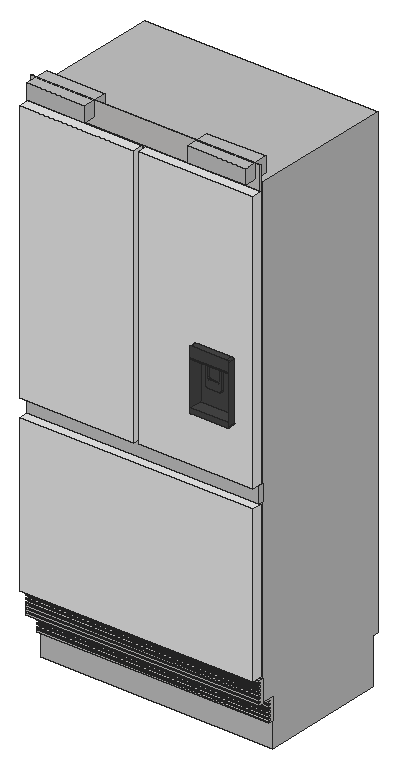
Revit family "FP_Revit_18_RS36A80U1_Fridge_90001168A", category Specialty Equipment, Revit 2018 (continued)
Definition of nested family "F&P Handle Kit - Contemporary Round - Vertical"
  Forms (mm)
    Extrusion 7, solid, material <- "Material - Handle", detail levels coarse+medium
      sketch origin (0, 0, 0) x (1, 0, 0) y (0, 1, 0)
        loop
          line (-8.7, 0) -> (-8.7, -32.3)
          arc (-8.7, -32.3) -> (0, -41) -> (8.7, -32.3) r 8.7
          line (8.7, -32.3) -> (8.7, 0) -> (-8.7, 0)
      from -363.5 to -243.5
  Cuts and joins
    Sweep 4 cuts Extrusion 3
    Sweep 5 cuts Extrusion 2
  Lines and regions (mm)
    sketch lines
      curve 1: line (8.7, 0, -363.5) -> (8.7, -32.3, -363.5)
      curve 2: arc (-8.7, -32.3, -363.5) -> (0, -41, -363.5) -> (8.7, -32.3, -363.5) r 8.7
      curve 3: line (-8.7, -32.3, -363.5) -> (-8.7, 0, -363.5)
      curve 4: line (8.7, -32.3, 363.5) -> (8.7, 0, 363.5)
      curve 5: arc (8.7, -32.3, 363.5) -> (0, -41, 363.5) -> (-8.7, -32.3, 363.5) r 8.7
      curve 6: line (-8.7, 0, 363.5) -> (-8.7, -32.3, 363.5)
  Dimensions and locks
    equal spacing: plane 4 "Top", level, plane 5 "Bottom"
    "Handle - Length": plane 4 "Top" to plane 5 "Bottom"
    locked: plane 4 "Top" to plane 6 "Top Standoff" at 120
    locked: plane 7 "Bottom Standoff" to plane 5 "Bottom" at 120
    Extrusion 2 sketch curve to Extrusion 2 sketch curve = 17.4 mm
    Extrusion 3 sketch curve to Extrusion 3 sketch curve = 17.4 mm
    Extrusion 6 sketch curve to Extrusion 6 sketch curve = 17.4 mm
    Extrusion 7 sketch curve to Extrusion 7 sketch curve = 17.4 mm
    aligned and locked: level to plane 2
    aligned and locked: plane 4 "Top" to Extrusion 2
    aligned and locked: Extrusion 3 to plane 5 "Bottom"
    aligned and locked: plane 7 "Bottom Standoff" to Extrusion 3
    aligned and locked: Extrusion 1 to plane 7 "Bottom Standoff"
    aligned and locked: plane 6 "Top Standoff" to Extrusion 1
    aligned and locked: Extrusion 2 to Extrusion 1
    aligned and locked: Extrusion 6 to Extrusion 1
    aligned and locked: plane 4 "Top" to Extrusion 6
    aligned and locked: Extrusion 7 to Extrusion 1
    aligned and locked: Extrusion 7 to plane 5 "Bottom"
  Automatic sketch dimensions
    Extrusion 1 sketch curve to plane 3 "Center (Left/Right)" = 0 mm
    plane 1 "Center (Front/Back)" to Extrusion 1 sketch curve = 32.3 mm
    plane 1 "Center (Front/Back)" to Extrusion 2 sketch curve = 0 mm
    Extrusion 2 sketch curve to plane 3 "Center (Left/Right)" = 0 mm
    Extrusion 2 sketch curve to plane 3 "Center (Left/Right)" = 8.7 mm
    plane 1 "Center (Front/Back)" to Extrusion 2 sketch curve = 32.3 mm
    plane 1 "Center (Front/Back)" to Extrusion 3 sketch curve = 0 mm
    Extrusion 3 sketch curve to plane 3 "Center (Left/Right)" = 0 mm
    Extrusion 3 sketch curve to plane 3 "Center (Left/Right)" = 8.7 mm
    plane 1 "Center (Front/Back)" to Extrusion 3 sketch curve = 32.3 mm
    Sweep 4 sketch curve to profile plane = 0 mm  (x2)
    Sweep 4 sketch curve to profile plane = 1 mm  (x2)
    Sweep 5 sketch curve to profile plane = 0 mm  (x2)
    Sweep 5 sketch curve to profile plane = 1 mm  (x2)
    Extrusion 6 sketch curve to plane 3 "Center (Left/Right)" = 0 mm
    Extrusion 6 sketch curve to plane 3 "Center (Left/Right)" = 8.7 mm
    plane 1 "Center (Front/Back)" to Extrusion 6 sketch curve = 32.3 mm
    Extrusion 6 sketch curve to Extrusion 6 sketch curve = 32.3 mm
    Extrusion 7 sketch curve to plane 3 "Center (Left/Right)" = 0 mm
    Extrusion 7 sketch curve to plane 3 "Center (Left/Right)" = 8.7 mm
    plane 1 "Center (Front/Back)" to Extrusion 7 sketch curve = 32.3 mm
    Extrusion 7 sketch curve to Extrusion 7 sketch curve = 32.3 mm
    radius of Extrusion 1 sketch curve = 8.7 mm
Definition of nested family "F&P Handle Kit - Contemporary Square Fine - Horizontal"
  Parameters (values of type "AHD5RD2484W - Contemporary square fine handle (2 of 2) (Horizontal) 494mm")
    URL = "www.fisherpaykel.com"
    Material - Handle = none
    Manufacturer = "Fisher & Paykel Appliances"
    Handle - Length = 494 mm
  Types (15, lengths in mm): name | Handle - Length
    (no name) | 494
    AHD5RD2484W - Contemporary square fine handle (2 of 2) (Horizontal) 494mm | 494
    AHD5RD2484WB - Contemporary square fine black handle (2 of 2) (Horizontal) 494mm | 494
    AHD5RD3084W - Contemporary square fine handle (2 of 2) (Horizontal) 646mm | 646
    AHD5RD3084WB - Contemporary square fine black handle (2 of 2) (Horizontal) 646mm | 646
    AHD5RD7621W - Contemporary square fine handle (2 of 2) (Horizontal) 646mm | 646
    AHD5RD7621WB - Contemporary square fine handle black (2 of 2) (Horizontal) 646mm | 646
    AHD5RD6121W - Contemporary square fine handle (2 of 2) (Horizontal) 494mm | 494
    AHD5RD6121WB - Contemporary square fine handle black (2 of 2) (Horizontal) 494mm | 494
    AHD5RD36A - Contemporary square fine handle (2 of 2) (Horizontal) 746mm | 746
    AHD5RD36AB - Contemporary square fine black handle (2 of 2) (Horizontal) 746mm | 746
    AHD5RD90A - Contemporary square fine handle (2 of 2) (Horizontal) 746mm | 746
    AHD5RD80A - Contemporary square fine handle (2 of 2) (Horizontal) 646mm | 646
    AHD5RD80AB - Contemporary square fine black handle (2 of 2) (Horizontal) 646mm | 646
    AHD5RD90AB - Contemporary square fine black handle (2 of 2) (Horizontal) 746mm | 746
  Reference planes
    plane 1 "Center (Front/Back)": y = 0
    plane 2: z = 0
    plane 3 "Center (Left/Right)": x = 0
    plane 4 "Product LHS": x = -247
    plane 5 "Product RHS": x = 247
    plane 6 "LHS Standoff": x = -126.995
    plane 7 "RHS Standoff": x = 127.005
  Forms (mm)
    Extrusion 1, solid, material <- "Material - Handle", detail levels fine
      sketch origin (0, 0, 0) x (0, 1, 0) y (0, 0, 1)
        loop
          arc (-26.813, 6.16) -> (-27.196, 6.554) -> (-27.728, 6.686) r 1
          line (-27.728, 6.686) -> (-40.035, 6.256)
          arc (-40.035, 6.256) -> (-40.719, 5.951) -> (-41, 5.257) r 1
          line (-41, 5.257) -> (-41, -5.257)
          arc (-41, -5.257) -> (-40.719, -5.951) -> (-40.035, -6.256) r 1
          line (-40.035, -6.256) -> (-27.709, -6.686)
          arc (-27.709, -6.686) -> (-27.175, -6.554) -> (-26.792, -6.158) r 1
          arc (-26.792, -6.158) -> (-25.256, 0.004) -> (-26.813, 6.16) r 13.038
      from -247 to 247
    Extrusion 2, solid, material <- "Material - Handle", detail levels fine
      sketch origin (0, 0, 0) x (0, 1, 0) y (0, 0, 1)
        loop
          arc (-26.626, -6.008) -> (-26.614, -6.49) -> (-26.2, -6.737) r 0.5
          line (-26.2, -6.737) -> (0, -7.696) -> (0, 7.704) -> (-26.174, 6.747)
          arc (-26.174, 6.747) -> (-26.587, 6.5) -> (-26.6, 6.019) r 0.5
          arc (-26.6, 6.019) -> (-25.156, 0.002) -> (-26.626, -6.008) r 13.136
      from 127.005 to 247
    Extrusion 3, solid, material <- "Material - Handle", detail levels coarse+medium
      sketch origin (0, 0, 0) x (1, 0, 0) y (0, 1, 0)
        loop
          line (-247, -42) -> (247, -42) -> (247, 0) -> (127.005, 0) -> (127.005, -26.156) -> (-126.995, -26.156) -> (-126.995, 0) -> (-247, 0) -> (-247, -42)
      from -8.022 to 7.978
    Extrusion 4, solid, material <- "Material - Handle", detail levels fine
      sketch origin (0, 0, 0) x (0, 1, 0) y (0, 0, 1)
        loop
          arc (-26.626, -6.008) -> (-26.614, -6.49) -> (-26.2, -6.737) r 0.5
          line (-26.2, -6.737) -> (0, -7.696) -> (0, 7.704) -> (-26.174, 6.747)
          arc (-26.174, 6.747) -> (-26.587, 6.5) -> (-26.6, 6.019) r 0.5
          arc (-26.6, 6.019) -> (-25.156, 0.002) -> (-26.626, -6.008) r 13.136
      from -247 to -126.995
  Dimensions and locks
    equal spacing: plane 4 "Product LHS", plane 3 "Center (Left/Right)", plane 5 "Product RHS"
    "Handle - Length": plane 4 "Product LHS" to plane 5 "Product RHS"
    locked: plane 4 "Product LHS" to plane 6 "LHS Standoff" at 120.005
    locked: plane 7 "RHS Standoff" to plane 5 "Product RHS" at 119.995
    aligned and locked: level to plane 2
    aligned and locked: Extrusion 1 to plane 5 "Product RHS"
    aligned and locked: plane 4 "Product LHS" to Extrusion 1
    aligned and locked: Extrusion 2 to plane 5 "Product RHS"
    aligned and locked: plane 4 "Product LHS" to Extrusion 3 sketch curve
    aligned and locked: Extrusion 3 sketch curve to plane 5 "Product RHS"
    aligned and locked: Extrusion 3 sketch curve to plane 7 "RHS Standoff"
    aligned and locked: plane 6 "LHS Standoff" to Extrusion 3 sketch curve
    aligned and locked: plane 4 "Product LHS" to Extrusion 4
    aligned and locked: plane 6 "LHS Standoff" to Extrusion 4
    aligned and locked: Extrusion 2 to plane 7 "RHS Standoff"
  Automatic sketch dimensions
    Extrusion 1 sketch curve to level = 5.257 mm
    plane 1 "Center (Front/Back)" to Extrusion 1 sketch curve = 41 mm
    level to Extrusion 1 sketch curve = 6.256 mm
    Extrusion 1 sketch curve to Extrusion 1 sketch curve = 0.965 mm  (x2)
    Extrusion 1 sketch curve to level = 6.256 mm
    Extrusion 1 sketch curve to Extrusion 1 sketch curve = 0.035 mm  (x3)
    Extrusion 1 sketch curve to level = 0.018 mm
    Extrusion 1 sketch curve to Extrusion 1 sketch curve = 1.706 mm
    level to Extrusion 1 sketch curve = 6.686 mm
    Extrusion 1 sketch curve to Extrusion 1 sketch curve = 12.307 mm
    Extrusion 1 sketch curve to level = 6.686 mm
    Extrusion 1 sketch curve to Extrusion 1 sketch curve = 12.326 mm
    Extrusion 1 sketch curve to Extrusion 1 sketch curve = 0.999 mm  (x2)
    Extrusion 1 sketch curve to Extrusion 1 sketch curve = 0 mm
    Extrusion 2 sketch curve to plane 1 "Center (Front/Back)" = 0 mm
    level to Extrusion 2 sketch curve = 6.247 mm
    plane 1 "Center (Front/Back)" to Extrusion 2 sketch curve = 26.155 mm
    level to Extrusion 2 sketch curve = 6.747 mm
    Extrusion 2 sketch curve to Extrusion 2 sketch curve = 0.018 mm  (x2)
    Extrusion 2 sketch curve to level = 6.238 mm
    Extrusion 2 sketch curve to Extrusion 2 sketch curve = 0.026 mm
    Extrusion 2 sketch curve to level = 6.737 mm
    level to Extrusion 2 sketch curve = 0.03 mm
    Extrusion 2 sketch curve to Extrusion 2 sketch curve = 12.11 mm
    Extrusion 2 sketch curve to level = 7.696 mm
    level to Extrusion 2 sketch curve = 7.704 mm
    Extrusion 2 sketch curve to Extrusion 2 sketch curve = 0 mm
    plane 1 "Center (Front/Back)" to Extrusion 3 sketch curve = 42 mm
    Extrusion 3 sketch curve to Extrusion 3 sketch curve = 15.844 mm
    Extrusion 3 sketch curve to Extrusion 3 sketch curve = 26.156 mm  (x2)
    level to Extrusion 4 sketch curve = 0.03 mm
    plane 1 "Center (Front/Back)" to Extrusion 4 sketch curve = 38.291 mm
    Extrusion 4 sketch curve to level = 6.737 mm
    Extrusion 4 sketch curve to Extrusion 4 sketch curve = 12.091 mm
    Extrusion 4 sketch curve to Extrusion 4 sketch curve = 0.018 mm  (x2)
    level to Extrusion 4 sketch curve = 6.747 mm
    Extrusion 4 sketch curve to Extrusion 4 sketch curve = 0.008 mm
    level to Extrusion 4 sketch curve = 7.704 mm
    Extrusion 4 sketch curve to Extrusion 4 sketch curve = 26.174 mm
    Extrusion 4 sketch curve to level = 7.696 mm
    Extrusion 4 sketch curve to Extrusion 4 sketch curve = 0.5 mm  (x2)
    Extrusion 4 sketch curve to Extrusion 4 sketch curve = 0 mm
Definition of nested family "F&P Handle Kit - Contemporary Square Fine - Vertical"
  Parameters (values of type "AHD5RD90AB - Contemporary square fine black handle (1 of 2) (Vertical) 727mm")
    URL = "www.fisherpaykel.com"
    Material - Handle = none
    Manufacturer = "Fisher & Paykel Appliances"
    Handle - Length = 727 mm
  Types (14): name
    AHD5RD2484W - Contemporary square fine handle (1 of 2) (Vertical) 727mm
    AHD5RD2484WB - Contemporary square fine black handle (1 of 2) (Vertical) 727mm
    AHD5RD3084W - Contemporary square fine handle (1 of 2) (Vertical) 727mm
    AHD5RD3084WB - Contemporary square fine black handle (1 of 2) (Vertical) 727mm
    AHD5RD6121W - Contemporary square fine handle (1 of 2) (Vertical) 727mm
    AHD5RD6121WB - Contemporary square fine black handle (1 of 2) (Vertical) 727mm
    AHD5RD7621W - Contemporary square fine handle (1 of 2) (Vertical) 727mm
    AHD5RD7621WB - Contemporary square fine black handle (1 of 2) (Vertical) 727mm
    AHD5RD36A - Contemporary square fine handle (1 of 2) (Vertical) 727mm
    AHD5RD36AB - Contemporary square fine black handle (1 of 2) (Vertical) 727mm
    AHD5RD80A - Contemporary square fine handle (1 of 2) (Vertical) 727mm
    AHD5RD90A - Contemporary square fine handle (1 of 2) (Vertical) 727mm
    AHD5RD80AB - Contemporary square fine black handle (1 of 2) (Vertical) 727mm
    AHD5RD90AB - Contemporary square fine black handle (1 of 2) (Vertical) 727mm
  Reference planes
    plane 1 "Center (Front/Back)": y = 0
    plane 2: z = 0
    plane 3 "Center (Left/Right)": x = 0
    plane 4 "Top": z = 363.5
    plane 5 "Bottom": z = -363.5
    plane 6 "Top Standoff": z = 243.5
    plane 7 "Bottom Standoff": z = -243.5
  Forms (mm)
    Extrusion 1, solid, material <- "Material - Handle", detail levels fine
      sketch origin (0, 0, 0) x (1, 0, 0) y (0, 1, 0)
        loop
          arc (-6.16, -26.813) -> (-6.554, -27.196) -> (-6.686, -27.728) r 1
          line (-6.686, -27.728) -> (-6.256, -40.035)
          arc (-6.256, -40.035) -> (-5.951, -40.719) -> (-5.257, -41) r 1
          line (-5.257, -41) -> (5.257, -41)
          arc (5.257, -41) -> (5.951, -40.719) -> (6.256, -40.035) r 1
          line (6.256, -40.035) -> (6.686, -27.709)
          arc (6.686, -27.709) -> (6.554, -27.175) -> (6.158, -26.792) r 1
          arc (6.158, -26.792) -> (-0.004, -25.256) -> (-6.16, -26.813) r 13.038
      from -363.5 to 363.5
    Extrusion 2, solid, material <- "Material - Handle", detail levels fine
      sketch origin (0, 0, 0) x (1, 0, 0) y (0, 1, 0)
        loop
          arc (6.012, -26.626) -> (6.494, -26.614) -> (6.741, -26.2) r 0.5
          line (6.741, -26.2) -> (7.7, 0) -> (-7.7, 0) -> (-6.742, -26.174)
          arc (-6.742, -26.174) -> (-6.496, -26.587) -> (-6.015, -26.6) r 0.5
          arc (-6.015, -26.6) -> (0.002, -25.156) -> (6.012, -26.626) r 13.136
      from 243.5 to 363.5
    Extrusion 3, solid, material <- "Material - Handle", detail levels coarse+medium
      sketch origin (0, 0, 0) x (0, 1, 0) y (0, 0, 1)
        loop
          line (0, 363.5) -> (-42, 363.5) -> (-42, -363.5) -> (0, -363.5) -> (0, -243.5) -> (-26.245, -243.5) -> (-26.245, 243.5) -> (0, 243.5) -> (0, 363.5)
      from -8 to 8
    Extrusion 4, solid, material <- "Material - Handle", detail levels fine
      sketch origin (0, 0, 0) x (1, 0, 0) y (0, 1, 0)
        loop
          arc (6.012, -26.626) -> (6.494, -26.614) -> (6.741, -26.2) r 0.5
          line (6.741, -26.2) -> (7.7, 0) -> (-7.7, 0) -> (-6.742, -26.174)
          arc (-6.742, -26.174) -> (-6.496, -26.587) -> (-6.015, -26.6) r 0.5
          arc (-6.015, -26.6) -> (0.002, -25.156) -> (6.012, -26.626) r 13.136
      from -363.5 to -243.5
  Dimensions and locks
    equal spacing: plane 4 "Top", level, plane 5 "Bottom"
    "Handle - Length": plane 4 "Top" to plane 5 "Bottom"
    locked: plane 4 "Top" to plane 6 "Top Standoff" at 120
    locked: plane 7 "Bottom Standoff" to plane 5 "Bottom" at 120
    aligned and locked: level to plane 2
    aligned and locked: plane 4 "Top" to Extrusion 2
    aligned and locked: Extrusion 2 to plane 6 "Top Standoff"
    aligned and locked: plane 4 "Top" to Extrusion 1
    aligned and locked: Extrusion 1 to plane 5 "Bottom"
    aligned and locked: plane 4 "Top" to Extrusion 3 sketch curve
    aligned and locked: plane 6 "Top Standoff" to Extrusion 3 sketch curve
    aligned and locked: plane 7 "Bottom Standoff" to Extrusion 3 sketch curve
    aligned and locked: plane 5 "Bottom" to Extrusion 3 sketch curve
    aligned and locked: Extrusion 4 to plane 5 "Bottom"
    aligned and locked: plane 7 "Bottom Standoff" to Extrusion 4
  Automatic sketch dimensions
    Extrusion 1 sketch curve to plane 3 "Center (Left/Right)" = 6.686 mm
    Extrusion 1 sketch curve to plane 3 "Center (Left/Right)" = 6.256 mm
    Extrusion 1 sketch curve to Extrusion 1 sketch curve = 0.999 mm  (x4)
    plane 3 "Center (Left/Right)" to Extrusion 1 sketch curve = 0.018 mm
    plane 3 "Center (Left/Right)" to Extrusion 1 sketch curve = 5.257 mm
    plane 3 "Center (Left/Right)" to Extrusion 1 sketch curve = 5.687 mm
    plane 1 "Center (Front/Back)" to Extrusion 1 sketch curve = 41 mm
    Extrusion 1 sketch curve to Extrusion 1 sketch curve = 0.965 mm  (x2)
    Extrusion 1 sketch curve to Extrusion 1 sketch curve = 1.706 mm
    Extrusion 1 sketch curve to Extrusion 1 sketch curve = 12.307 mm
    Extrusion 1 sketch curve to Extrusion 1 sketch curve = 12.326 mm
    Extrusion 1 sketch curve to Extrusion 1 sketch curve = 0.035 mm  (x2)
    Extrusion 1 sketch curve to Extrusion 1 sketch curve = 0 mm
    plane 1 "Center (Front/Back)" to Extrusion 2 sketch curve = 0 mm
    Extrusion 2 sketch curve to plane 3 "Center (Left/Right)" = 7.7 mm
    Extrusion 2 sketch curve to plane 3 "Center (Left/Right)" = 6.742 mm
    Extrusion 2 sketch curve to Extrusion 2 sketch curve = 0.5 mm  (x2)
    Extrusion 2 sketch curve to plane 3 "Center (Left/Right)" = 0.026 mm
    plane 3 "Center (Left/Right)" to Extrusion 2 sketch curve = 6.242 mm
    plane 3 "Center (Left/Right)" to Extrusion 2 sketch curve = 7.7 mm
    plane 1 "Center (Front/Back)" to Extrusion 2 sketch curve = 26.155 mm
    Extrusion 2 sketch curve to Extrusion 2 sketch curve = 0.018 mm  (x2)
    Extrusion 2 sketch curve to Extrusion 2 sketch curve = 0.026 mm
    Extrusion 2 sketch curve to Extrusion 2 sketch curve = 12.11 mm
    Extrusion 2 sketch curve to Extrusion 2 sketch curve = 0 mm
    plane 1 "Center (Front/Back)" to Extrusion 3 sketch curve = 42 mm
    Extrusion 3 sketch curve to Extrusion 3 sketch curve = 15.755 mm
    Extrusion 3 sketch curve to Extrusion 3 sketch curve = 42 mm  (x2)
    Extrusion 4 sketch curve to plane 3 "Center (Left/Right)" = 7.7 mm
    Extrusion 4 sketch curve to plane 3 "Center (Left/Right)" = 6.742 mm
    Extrusion 4 sketch curve to Extrusion 4 sketch curve = 0.5 mm  (x2)
    Extrusion 4 sketch curve to plane 3 "Center (Left/Right)" = 0.026 mm
    plane 3 "Center (Left/Right)" to Extrusion 4 sketch curve = 6.242 mm
    plane 3 "Center (Left/Right)" to Extrusion 4 sketch curve = 7.7 mm
    plane 1 "Center (Front/Back)" to Extrusion 4 sketch curve = 38.291 mm
    Extrusion 4 sketch curve to Extrusion 4 sketch curve = 12.091 mm
    Extrusion 4 sketch curve to Extrusion 4 sketch curve = 0.018 mm  (x2)
    Extrusion 4 sketch curve to Extrusion 4 sketch curve = 0.452 mm
    Extrusion 4 sketch curve to Extrusion 4 sketch curve = 26.174 mm
    Extrusion 4 sketch curve to Extrusion 4 sketch curve = 0 mm
Definition of nested family "F&P Handle Kit - Professional Round - Horizontal"
  Parameters (values of type "AHCRS3272A - Professional round handle (2 of 2) (Horizontal) 646mm")
    URL = "www.fisherpaykel.com"
    Material - Standoff = none
    Material - Handle = none
    Manufacturer = "Fisher & Paykel Appliances"
    Handle - Length = 646 mm
  Types (5, lengths in mm): name | Handle - Length
    AHCRD2484W - Professional round handle (2 of 2) (Horizontal) 428mm | 428
    AHCRD3084W - Professional round handle (2 of 2) (Horizontal) 580mm | 646
    AHCRS3272A - Professional round handle (2 of 2) (Horizontal) 646mm | 646
    AHCRS36A - Professional round handle (2 of 2) (Horizontal) 746mm | 746
    AHCRS3272A - Professional round handle (2 of 2) (Horizontal) 580mm | 646
  Reference planes
    plane 1 "Center (Front/Back)": y = 0
    plane 2: z = 0
    plane 3 "Center (Left/Right)": x = 0
    plane 4 "Product LHS": x = -323
    plane 5 "Product RHS": x = 323
    plane 6 "LHS Standoff": x = -279
    plane 7 "RHS Standoff": x = 279
  Forms (mm)
    Extrusion 1, solid, material <- "Material - Standoff", detail levels fine
      sketch origin (0, 0, 0) x (0, 1, 0) y (0, 0, 1)
        loop
          line (0, 18.5) -> (-41.7, 18.5)
          arc (-41.7, 18.5) -> (-60.2, 0) -> (-41.7, -18.5) r 18.5
          line (-41.7, -18.5) -> (0, -18.5) -> (0, 18.5)
      from 279 to 323
    Extrusion 2, solid, material <- "Material - Standoff", detail levels fine
      sketch origin (0, 0, 0) x (0, 1, 0) y (0, 0, 1)
        loop
          line (0, 18.5) -> (-41.7, 18.5)
          arc (-41.7, 18.5) -> (-60.2, 0) -> (-41.7, -18.5) r 18.5
          line (-41.7, -18.5) -> (0, -18.5) -> (0, 18.5)
      from -323 to -279
    Sweep 3, void
      path in 3D
        loop
          line (323, 0, 18.5) -> (323, -41.7, 18.5)
          arc (323, -41.7, 18.5) -> (323, -60.2, 0) -> (323, -41.7, -18.5) r 18.5
          line (323, -41.7, -18.5) -> (323, 0, -18.5)
      profile origin (323, -20.85, 18.5) x (1, 0, 0) y (0, 0, 1)
        loop
          line (0, 0) -> (-3, 0) -> (0, -3) -> (0, 0)
    Sweep 4, void
      path in 3D
        loop
          line (-323, 0, -18.5) -> (-323, -41.7, -18.5)
          arc (-323, -41.7, -18.5) -> (-323, -60.2, 0) -> (-323, -41.7, 18.5) r 18.5
          line (-323, -41.7, 18.5) -> (-323, 0, 18.5)
      profile origin (-323, -20.85, 18.5) x (-1, 0, 0) y (0, 0, 1)
        loop
          line (0, 0) -> (-3, 0) -> (0, -3) -> (0, 0)
    Extrusion 5, solid, material <- "Material - Handle"
      sketch origin (0, -2.3, 0) x (0, 1, 0) y (0, 0, 1)
        loop
          circle (-39.4, 0) r 12.7
      from -279 to 279
    Extrusion 6, solid, material <- "Material - Standoff", detail levels coarse+medium
      sketch origin (0, 0, 0) x (0, 1, 0) y (0, 0, 1)
        loop
          line (0, 18.5) -> (-41.7, 18.5)
          arc (-41.7, 18.5) -> (-60.2, 0) -> (-41.7, -18.5) r 18.5
          line (-41.7, -18.5) -> (0, -18.5) -> (0, 18.5)
      from 323 to 279
    Extrusion 7, solid, material <- "Material - Standoff", detail levels coarse+medium
      sketch origin (0, 0, 0) x (0, 1, 0) y (0, 0, 1)
        loop
          line (0, 18.5) -> (-41.7, 18.5)
          arc (-41.7, 18.5) -> (-60.2, 0) -> (-41.7, -18.5) r 18.5
          line (-41.7, -18.5) -> (0, -18.5) -> (0, 18.5)
      from -279 to -323
  Cuts and joins
    Sweep 3 cuts Extrusion 1
    Sweep 4 cuts Extrusion 2
  Lines and regions (mm)
    sketch lines
      curve 1: line (323, 0, 18.5) -> (323, -41.7, 18.5)
      curve 2: arc (323, -41.7, -18.5) -> (323, -60.2, 0) -> (323, -41.7, 18.5) r 18.5
      curve 3: line (323, -41.7, -18.5) -> (323, 0, -18.5)
      curve 4: line (-323, -41.7, 18.5) -> (-323, 0, 18.5)
      curve 5: arc (-323, -41.7, 18.5) -> (-323, -60.2, 0) -> (-323, -41.7, -18.5) r 18.5
      curve 6: line (-323, 0, -18.5) -> (-323, -41.7, -18.5)
  Dimensions and locks
    equal spacing: plane 4 "Product LHS", plane 3 "Center (Left/Right)", plane 5 "Product RHS"
    "Handle - Length": plane 4 "Product LHS" to plane 5 "Product RHS"
    plane 4 "Product LHS" to plane 6 "LHS Standoff" = 44 mm
    plane 7 "RHS Standoff" to plane 5 "Product RHS" = 44 mm
    aligned and locked: level to plane 2
    aligned and locked: Extrusion 1 to plane 7 "RHS Standoff"
    aligned and locked: Extrusion 1 to plane 5 "Product RHS"
    aligned and locked: plane 4 "Product LHS" to Extrusion 2
    aligned and locked: plane 6 "LHS Standoff" to Extrusion 2
    aligned and locked: Extrusion 5 to plane 6 "LHS Standoff"
    aligned and locked: plane 7 "RHS Standoff" to Extrusion 5
    aligned and locked: plane 5 "Product RHS" to Extrusion 6
    aligned and locked: plane 7 "RHS Standoff" to Extrusion 6
    aligned and locked: Extrusion 7 to plane 4 "Product LHS"
    aligned and locked: Extrusion 7 to plane 6 "LHS Standoff"
  Automatic sketch dimensions
    Extrusion 1 sketch curve to level = 0 mm
    Extrusion 1 sketch curve to plane 1 "Center (Front/Back)" = 0 mm
    Extrusion 1 sketch curve to level = 18.5 mm
    plane 1 "Center (Front/Back)" to Extrusion 1 sketch curve = 41.7 mm
    Extrusion 2 sketch curve to level = 0 mm
    Extrusion 2 sketch curve to plane 1 "Center (Front/Back)" = 0 mm
    Extrusion 2 sketch curve to level = 18.5 mm
    plane 1 "Center (Front/Back)" to Extrusion 2 sketch curve = 41.7 mm
    Sweep 3 sketch curve to profile plane = 0 mm
    profile plane to Sweep 3 sketch curve = 0 mm
    profile plane to Sweep 3 sketch curve = 3 mm
    Sweep 3 sketch curve to profile plane = 3 mm
    Sweep 4 sketch curve to profile plane = 0 mm  (x2)
    profile plane to Sweep 4 sketch curve = 3 mm
    Sweep 4 sketch curve to profile plane = 3 mm
    Extrusion 5 sketch curve to level = 0 mm
    plane 1 "Center (Front/Back)" to Extrusion 5 sketch curve = 41.7 mm
    Extrusion 6 sketch curve to level = 0 mm
    level to Extrusion 6 sketch curve = 18.5 mm
    plane 1 "Center (Front/Back)" to Extrusion 6 sketch curve = 41.7 mm
    Extrusion 6 sketch curve to Extrusion 6 sketch curve = 41.7 mm
    Extrusion 7 sketch curve to level = 0 mm
    level to Extrusion 7 sketch curve = 18.5 mm
    plane 1 "Center (Front/Back)" to Extrusion 7 sketch curve = 41.7 mm
    Extrusion 7 sketch curve to Extrusion 7 sketch curve = 41.7 mm
    radius of Extrusion 5 sketch curve = 12.7 mm
Definition of nested family "F&P Handle Kit - Professional Round - Vertical"
  Parameters (values of type "AHCRS36A - Professional round handle (1 of 2) (Vertical) 661mm")
    URL = "www.fisherpaykel.com"
    Material - Standoff = none
    Material - Handle = none
    Manufacturer = "Fisher & Paykel Appliances"
    Handle - Length = 661 mm
  Types (5, lengths in mm): name | Handle - Length
    AHCRD2484W - Professional round handle (1 of 2) (Vertical) 661mm | 661
    AHCRD3084W - Professional round handle (1 of 2) (Vertical) 661mm | 661
    AHC-RD84 - Professional round handle (Vertical) 786mm | 786
    AHCRS3272A - Professional round handle (1 of 2) (Vertical) 661mm | 661
    AHCRS36A - Professional round handle (1 of 2) (Vertical) 661mm | 661
  Reference planes
    plane 1 "Center (Front/Back)": y = 0
    plane 2: z = 0
    plane 3 "Center (Left/Right)": x = 0
    plane 4 "Top": z = 330.5
    plane 5 "Bottom": z = -330.5
    plane 6 "Top Standoff": z = 286.5
    plane 7 "Bottom Standoff": z = -286.5
  Forms (mm)
    Extrusion 1, solid, material <- "Material - Standoff", detail levels fine
      sketch origin (0, 0, 0) x (1, 0, 0) y (0, 1, 0)
        loop
          line (-18.5, 0) -> (-18.5, -41.7)
          arc (-18.5, -41.7) -> (0, -60.2) -> (18.5, -41.7) r 18.5
          line (18.5, -41.7) -> (18.5, 0) -> (-18.5, 0)
      from 286.5 to 330.5
    Extrusion 2, solid, material <- "Material - Standoff", detail levels fine
      sketch origin (0, 0, 0) x (1, 0, 0) y (0, 1, 0)
        loop
          line (-18.5, 0) -> (-18.5, -41.7)
          arc (-18.5, -41.7) -> (0, -60.2) -> (18.5, -41.7) r 18.5
          line (18.5, -41.7) -> (18.5, 0) -> (-18.5, 0)
      from -330.5 to -286.5
    Extrusion 3, solid, material <- "Material - Handle"
      sketch origin (0, 0, 0) x (1, 0, 0) y (0, 1, 0)
        loop
          circle (0, -41.7) r 12.7
      from -286.5 to 286.5
    Sweep 4, void
      path in 3D
        loop
          line (-18.5, 0, 330.5) -> (-18.5, -41.7, 330.5)
          arc (-18.5, -41.7, 330.5) -> (0, -60.2, 330.5) -> (18.5, -41.7, 330.5) r 18.5
          line (18.5, -41.7, 330.5) -> (18.5, 0, 330.5)
      profile origin (18.5, -20.85, 330.5) x (-1, 0, 0) y (0, 0, 1)
        loop
          line (0, 0) -> (0, -3) -> (3, 0) -> (0, 0)
    Sweep 5, void
      path in 3D
        loop
          line (18.5, 0, -330.5) -> (18.5, -41.7, -330.5)
          arc (18.5, -41.7, -330.5) -> (0, -60.2, -330.5) -> (-18.5, -41.7, -330.5) r 18.5
          line (-18.5, -41.7, -330.5) -> (-18.5, 0, -330.5)
      profile origin (18.5, -20.85, -330.5) x (-1, 0, 0) y (0, 0, -1)
        loop
          line (0, 0) -> (0, -3) -> (3, 0) -> (0, 0)
    Extrusion 6, solid, material <- "Material - Standoff", detail levels coarse+medium
      sketch origin (0, 0, 0) x (1, 0, 0) y (0, 1, 0)
        loop
          line (-18.5, 0) -> (-18.5, -41.7)
          arc (-18.5, -41.7) -> (0, -60.2) -> (18.5, -41.7) r 18.5
          line (18.5, -41.7) -> (18.5, 0) -> (-18.5, 0)
      from 286.5 to 330.5
    Extrusion 7, solid, material <- "Material - Standoff", detail levels coarse+medium
      sketch origin (0, 0, 0) x (1, 0, 0) y (0, 1, 0)
        loop
          line (-18.5, 0) -> (-18.5, -41.7)
          arc (-18.5, -41.7) -> (0, -60.2) -> (18.5, -41.7) r 18.5
          line (18.5, -41.7) -> (18.5, 0) -> (-18.5, 0)
      from -330.5 to -286.5
  Cuts and joins
    Sweep 4 cuts Extrusion 1
    Sweep 5 cuts Extrusion 2
  Lines and regions (mm)
    sketch lines
      curve 1: line (18.5, -41.7, 330.5) -> (18.5, 0, 330.5)
      curve 2: arc (18.5, -41.7, 330.5) -> (0, -60.2, 330.5) -> (-18.5, -41.7, 330.5) r 18.5
      curve 3: line (-18.5, 0, 330.5) -> (-18.5, -41.7, 330.5)
      curve 4: line (18.5, 0, -330.5) -> (18.5, -41.7, -330.5)
      curve 5: arc (-18.5, -41.7, -330.5) -> (0, -60.2, -330.5) -> (18.5, -41.7, -330.5) r 18.5
      curve 6: line (-18.5, -41.7, -330.5) -> (-18.5, 0, -330.5)
  Dimensions and locks
    equal spacing: plane 4 "Top", level, plane 5 "Bottom"
    "Handle - Length": plane 4 "Top" to plane 5 "Bottom"
    plane 4 "Top" to plane 6 "Top Standoff" = 44 mm
    plane 7 "Bottom Standoff" to plane 5 "Bottom" = 44 mm
    aligned and locked: level to plane 2
    aligned and locked: plane 4 "Top" to Extrusion 1
    aligned and locked: Extrusion 1 to plane 6 "Top Standoff"
    aligned and locked: Extrusion 2 to plane 5 "Bottom"
    aligned and locked: plane 7 "Bottom Standoff" to Extrusion 2
    aligned and locked: plane 6 "Top Standoff" to Extrusion 3
    aligned and locked: Extrusion 3 to plane 7 "Bottom Standoff"
    aligned and locked: plane 4 "Top" to Extrusion 6
    aligned and locked: Extrusion 7 to plane 5 "Bottom"
    aligned and locked: plane 7 "Bottom Standoff" to Extrusion 7
    aligned and locked: Extrusion 6 to plane 6 "Top Standoff"
  Automatic sketch dimensions
    plane 1 "Center (Front/Back)" to Extrusion 1 sketch curve = 0 mm
    Extrusion 1 sketch curve to plane 3 "Center (Left/Right)" = 0 mm
    Extrusion 1 sketch curve to plane 3 "Center (Left/Right)" = 18.5 mm
    plane 1 "Center (Front/Back)" to Extrusion 1 sketch curve = 41.7 mm
    plane 1 "Center (Front/Back)" to Extrusion 2 sketch curve = 0 mm
    Extrusion 2 sketch curve to plane 3 "Center (Left/Right)" = 0 mm
    Extrusion 2 sketch curve to plane 3 "Center (Left/Right)" = 18.5 mm
    plane 1 "Center (Front/Back)" to Extrusion 2 sketch curve = 41.7 mm
    Extrusion 3 sketch curve to plane 3 "Center (Left/Right)" = 0 mm
    plane 1 "Center (Front/Back)" to Extrusion 3 sketch curve = 41.7 mm
    Sweep 4 sketch curve to profile plane = 0 mm  (x2)
    Sweep 4 sketch curve to profile plane = 3 mm  (x2)
    Sweep 5 sketch curve to profile plane = 0 mm  (x2)
    Sweep 5 sketch curve to profile plane = 3 mm  (x2)
    Extrusion 6 sketch curve to plane 3 "Center (Left/Right)" = 0 mm
    Extrusion 6 sketch curve to plane 3 "Center (Left/Right)" = 18.5 mm
    plane 1 "Center (Front/Back)" to Extrusion 6 sketch curve = 41.7 mm
    Extrusion 6 sketch curve to Extrusion 6 sketch curve = 41.7 mm
    Extrusion 7 sketch curve to plane 3 "Center (Left/Right)" = 0 mm
    Extrusion 7 sketch curve to plane 3 "Center (Left/Right)" = 18.5 mm
    plane 1 "Center (Front/Back)" to Extrusion 7 sketch curve = 41.7 mm
    Extrusion 7 sketch curve to Extrusion 7 sketch curve = 41.7 mm
    radius of Extrusion 3 sketch curve = 12.7 mm
Definition of nested family "F&P Handle Kit - Professional Square - Horizontal"
  Parameters (values of type "AHV2RS36A - Professional square handle (2 of 2) (Horizontal) 686mm")
    URL = "www.fisherpaykel.com"
    Material - Handle = none
    Manufacturer = "Fisher & Paykel Appliances"
    Handle - Length = 686 mm
  Types (5, lengths in mm): name | Handle - Length
    (no name) | 686
    AHV2RD2484W - Professional square handle (2 of 2) (Horizontal) 434mm | 434
    AHV2RD3084W - Professional square handle (2 of 2) (Horizontal) 586mm | 586
    AHV2RS3272A - Professional square handle (2 of 2) (Horizontal) 586mm | 586
    AHV2RS36A - Professional square handle (2 of 2) (Horizontal) 686mm | 686
  Reference planes
    plane 1 "Center (Front/Back)": y = 0
    plane 2: z = 0
    plane 3 "Center (Left/Right)": x = 0
    plane 4 "Product LHS": x = -343
    plane 5 "Product RHS": x = 343
    plane 6 "LHS Standoff": x = -293
    plane 7 "RHS Standoff": x = 293
  Forms (mm)
    Extrusion 1, solid, material <- "Material - Handle", detail levels fine
      sketch origin (0, 0, 0) x (1, 0, 0) y (0, 1, 0)
        loop
          line (-343, 0) -> (-343, -40)
          arc (-343, -40) -> (-340.071, -47.071) -> (-333, -50) r 10
          line (-333, -50) -> (-293, -50) -> (-293, 0) -> (-343, 0)
        loop
          line (343, 0) -> (293, 0) -> (293, -50) -> (333, -50)
          arc (333, -50) -> (340.071, -47.071) -> (343, -40) r 10
          line (343, -40) -> (343, 0)
      from -17.5 to 17.5
    Extrusion 2, solid, material <- "Material - Handle", detail levels fine
      sketch origin (0, 0, 0) x (0, 1, 0) y (0, 0, 1)
        loop
          line (-36.787, 15.5) -> (-46.472, 15.5) -> (-47.8, 14.172) -> (-47.8, -14.172) -> (-46.472, -15.5) -> (-36.787, -15.5)
          arc (-36.787, -15.5) -> (-32.3, 0) -> (-36.787, 15.5) r 29.013
      from -293 to 293
    Sweep 3, void
      path in 3D
        loop
          line (293, -50, 17.5) -> (333, -50, 17.5)
          arc (333, -50, 17.5) -> (340.071, -47.071, 17.5) -> (343, -40, 17.5) r 10
          line (343, -40, 17.5) -> (343, 0, 17.5)
      profile origin (343, -20, 17.5) x (-1, 0, 0) y (0, 0, 1)
        loop
          line (0, 0) -> (0, -2.5) -> (2.5, 0) -> (0, 0)
    Sweep 4, void
      path in 3D
        loop
          line (343, 0, -17.5) -> (343, -40, -17.5)
          arc (343, -40, -17.5) -> (340.071, -47.071, -17.5) -> (333, -50, -17.5) r 10
          line (333, -50, -17.5) -> (293, -50, -17.5)
      profile origin (343, -20, -17.5) x (-1, 0, 0) y (0, 0, -1)
        loop
          line (0, 0) -> (0, -2.5) -> (2.5, 0) -> (0, 0)
    Sweep 5, void
      path in 3D
        loop
          line (-343, 0, 17.5) -> (-343, -40, 17.5)
          arc (-343, -40, 17.5) -> (-340.071, -47.071, 17.5) -> (-333, -50, 17.5) r 10
          line (-333, -50, 17.5) -> (-293, -50, 17.5)
      profile origin (-343, -20, 17.5) x (1, 0, 0) y (0, 0, 1)
        loop
          line (0, 0) -> (0, -2.5) -> (2.5, 0) -> (0, 0)
    Sweep 6, void
      path in 3D
        loop
          line (-293, -50, -17.5) -> (-333, -50, -17.5)
          arc (-333, -50, -17.5) -> (-340.071, -47.071, -17.5) -> (-343, -40, -17.5) r 10
          line (-343, -40, -17.5) -> (-343, 0, -17.5)
      profile origin (-343, -20, -17.5) x (1, 0, 0) y (0, 0, -1)
        loop
          line (0, 0) -> (0, -2.5) -> (2.5, 0) -> (0, 0)
    Extrusion 7, solid, material <- "Material - Handle", detail levels coarse+medium
      sketch origin (0, 0, 0) x (1, 0, 0) y (0, 1, 0)
        loop
          line (-293, 0) -> (-343, 0) -> (-343, -40)
          arc (-343, -40) -> (-340.071, -47.071) -> (-333, -50) r 10
          line (-333, -50) -> (333, -50)
          arc (333, -50) -> (340.071, -47.071) -> (343, -40) r 10
          line (343, -40) -> (343, 0) -> (293, 0) -> (293, -32) -> (-293, -32) -> (-293, 0)
      from -17.5 to 17.5
  Cuts and joins
    Sweep 3, Sweep 4, Sweep 5, Sweep 6 cuts Extrusion 1
  Lines and regions (mm)
    sketch lines
      curve 1: line (343, -40, 17.5) -> (343, 0, 17.5)
      curve 2: arc (343, -40, 17.5) -> (340.071, -47.071, 17.5) -> (333, -50, 17.5) r 10
      curve 3: line (293, -50, 17.5) -> (333, -50, 17.5)
      curve 4: line (343, 0, -17.5) -> (343, -40, -17.5)
      curve 5: arc (333, -50, -17.5) -> (340.071, -47.071, -17.5) -> (343, -40, -17.5) r 10
      curve 6: line (333, -50, -17.5) -> (293, -50, -17.5)
      curve 7: line (-343, 0, 17.5) -> (-343, -40, 17.5)
      curve 8: arc (-333, -50, 17.5) -> (-340.071, -47.071, 17.5) -> (-343, -40, 17.5) r 10
      curve 9: line (-333, -50, 17.5) -> (-293, -50, 17.5)
      curve 10: line (-343, -40, -17.5) -> (-343, 0, -17.5)
      curve 11: arc (-343, -40, -17.5) -> (-340.071, -47.071, -17.5) -> (-333, -50, -17.5) r 10
      curve 12: line (-293, -50, -17.5) -> (-333, -50, -17.5)
  Dimensions and locks
    equal spacing: plane 4 "Product LHS", plane 3 "Center (Left/Right)", plane 5 "Product RHS"
    "Handle - Length": plane 4 "Product LHS" to plane 5 "Product RHS"
    plane 4 "Product LHS" to plane 6 "LHS Standoff" = 50 mm
    plane 7 "RHS Standoff" to plane 5 "Product RHS" = 50 mm
    aligned and locked: level to plane 2
    aligned and locked: plane 5 "Product RHS" to Extrusion 1 sketch curve
    aligned and locked: Extrusion 1 sketch curve to plane 1 "Center (Front/Back)"
    aligned and locked: plane 1 "Center (Front/Back)" to Extrusion 1 sketch curve
    aligned and locked: Extrusion 1 sketch curve to plane 6 "LHS Standoff"
    aligned and locked: Extrusion 1 sketch curve to plane 7 "RHS Standoff"
    aligned and locked: plane 7 "RHS Standoff" to Extrusion 2
    aligned and locked: Extrusion 2 to plane 6 "LHS Standoff"
    aligned and locked: plane 5 "Product RHS" to Extrusion 7 sketch curve
    aligned and locked: Extrusion 7 sketch curve to plane 7 "RHS Standoff"
    aligned and locked: plane 6 "LHS Standoff" to Extrusion 7 sketch curve
    aligned and locked: plane 4 "Product LHS" to Extrusion 7 sketch curve
    aligned and locked: Extrusion 7 sketch curve to plane 1 "Center (Front/Back)"
    aligned and locked: plane 1 "Center (Front/Back)" to Extrusion 7 sketch curve
  Automatic sketch dimensions
    Extrusion 1 sketch curve to plane 4 "Product LHS" = 0 mm
    Extrusion 1 sketch curve to plane 4 "Product LHS" = 10 mm
    plane 5 "Product RHS" to Extrusion 1 sketch curve = 10 mm
    Extrusion 1 sketch curve to Extrusion 1 sketch curve = 40 mm  (x2)
    level to Extrusion 2 sketch curve = 0 mm
    plane 1 "Center (Front/Back)" to Extrusion 2 sketch curve = 61.313 mm
    Extrusion 2 sketch curve to Extrusion 2 sketch curve = 13.513 mm
    Extrusion 2 sketch curve to Extrusion 2 sketch curve = 1.328 mm  (x4)
    Extrusion 2 sketch curve to Extrusion 2 sketch curve = 9.684 mm  (x2)
    Extrusion 2 sketch curve to Extrusion 2 sketch curve = 14.172 mm
    Sweep 3 sketch curve to profile plane = 0 mm  (x2)
    Sweep 3 sketch curve to profile plane = 2.5 mm  (x2)
    Sweep 4 sketch curve to profile plane = 0 mm  (x2)
    Sweep 4 sketch curve to profile plane = 2.5 mm  (x2)
    profile plane to Sweep 5 sketch curve = 0 mm
    Sweep 5 sketch curve to profile plane = 0 mm
    Sweep 5 sketch curve to profile plane = 2.5 mm  (x2)
    profile plane to Sweep 6 sketch curve = 0 mm
    Sweep 6 sketch curve to profile plane = 0 mm
    Sweep 6 sketch curve to profile plane = 2.5 mm  (x2)
    Extrusion 7 sketch curve to plane 4 "Product LHS" = 10 mm
    plane 5 "Product RHS" to Extrusion 7 sketch curve = 10 mm
    plane 1 "Center (Front/Back)" to Extrusion 7 sketch curve = 32 mm
    plane 1 "Center (Front/Back)" to Extrusion 7 sketch curve = 40 mm
Definition of nested family "F&P Handle Kit - Professional Square - Vertical"
  Parameters (values of type "AHV2RS36A - Professional square handle (1 of 2) (Vertical) 727mm")
    URL = "www.fisherpaykel.com"
    Material - Handle = none
    Manufacturer = "Fisher & Paykel Appliances"
    Handle - Length = 727 mm
  Types (6, lengths in mm): name | Handle - Length
    (no name) | 727
    AHV2RD2484W - Professional square handle (1 of 2) (Vertical) 727mm | 727
    AHV2RD3084W - Professional square handle (1 of 2) (Vertical) 727mm | 727
    AHV2-RD84 - Professional square handle (Vertical) 792mm | 792
    AHV2RS3272A - Professional square handle (1 of 2) (Vertical) 727mm | 727
    AHV2RS36A - Professional square handle (1 of 2) (Vertical) 727mm | 727
  Reference planes
    plane 1 "Center (Front/Back)": y = 0
    plane 2: z = 0
    plane 3 "Center (Left/Right)": x = 0
    plane 4 "Top": z = 363.5
    plane 5 "Bottom": z = -363.5
    plane 6 "Top Standoff": z = 313.5
    plane 7 "Bottom Standoff": z = -313.5
  Forms (mm)
    Extrusion 1, solid, material <- "Material - Handle", detail levels fine
      sketch origin (0, 0, 0) x (0, 1, 0) y (0, 0, 1)
        loop
          line (0, 363.5) -> (-40, 363.5)
          arc (-40, 363.5) -> (-47.071, 360.571) -> (-50, 353.5) r 10
          line (-50, 353.5) -> (-50, 313.5) -> (0, 313.5) -> (0, 363.5)
        loop
          line (0, -363.5) -> (0, -313.5) -> (-50, -313.5) -> (-50, -353.5)
          arc (-50, -353.5) -> (-47.071, -360.571) -> (-40, -363.5) r 10
          line (-40, -363.5) -> (0, -363.5)
      from -17.5 to 17.5
    Sweep 2, void
      path in 3D
        loop
          line (17.5, 0, 363.5) -> (17.5, -40, 363.5)
          arc (17.5, -40, 363.5) -> (17.5, -47.071, 360.571) -> (17.5, -50, 353.5) r 10
          line (17.5, -50, 353.5) -> (17.5, -50, 313.5)
      profile origin (17.5, -20, 363.5) x (1, 0, 0) y (0, 0, 1)
        loop
          line (0, 0) -> (-2.5, 0) -> (0, -2.5) -> (0, 0)
    Sweep 3, void
      path in 3D
        loop
          line (-17.5, -50, 313.5) -> (-17.5, -50, 353.5)
          arc (-17.5, -50, 353.5) -> (-17.5, -47.071, 360.571) -> (-17.5, -40, 363.5) r 10
          line (-17.5, -40, 363.5) -> (-17.5, 0, 363.5)
      profile origin (-17.5, -20, 363.5) x (-1, 0, 0) y (0, 0, 1)
        loop
          line (0, 0) -> (-2.5, 0) -> (0, -2.5) -> (0, 0)
    Sweep 4, void
      path in 3D
        loop
          line (17.5, -50, -313.5) -> (17.5, -50, -353.5)
          arc (17.5, -50, -353.5) -> (17.5, -47.071, -360.571) -> (17.5, -40, -363.5) r 10
          line (17.5, -40, -363.5) -> (17.5, 0, -363.5)
      profile origin (17.5, -20, -363.5) x (1, 0, 0) y (0, 0, -1)
        loop
          line (0, 0) -> (-2.5, 0) -> (0, -2.5) -> (0, 0)
    Sweep 5, void
      path in 3D
        loop
          line (-17.5, 0, -363.5) -> (-17.5, -40, -363.5)
          arc (-17.5, -40, -363.5) -> (-17.5, -47.071, -360.571) -> (-17.5, -50, -353.5) r 10
          line (-17.5, -50, -353.5) -> (-17.5, -50, -313.5)
      profile origin (-17.5, -20, -363.5) x (-1, 0, 0) y (0, 0, -1)
        loop
          line (0, 0) -> (-2.5, 0) -> (0, -2.5) -> (0, 0)
    Extrusion 6, solid, material <- "Material - Handle", detail levels fine
      sketch origin (0, 0, 0) x (1, 0, 0) y (0, 1, 0)
        loop
          line (-15.5, -36.737) -> (-15.5, -46.422) -> (-14.172, -47.75) -> (14.172, -47.75) -> (15.5, -46.422) -> (15.5, -36.737)
          arc (15.5, -36.737) -> (0, -32.25) -> (-15.5, -36.737) r 29.013
      from -313.5 to 313.5
    Extrusion 7, solid, material <- "Material - Handle", detail levels coarse+medium
      sketch origin (0, 0, 0) x (0, 1, 0) y (0, 0, 1)
        loop
          line (0, 363.5) -> (-40, 363.5)
          arc (-40, 363.5) -> (-47.071, 360.571) -> (-50, 353.5) r 10
          line (-50, 353.5) -> (-50, -353.5)
          arc (-50, -353.5) -> (-47.071, -360.571) -> (-40, -363.5) r 10
          line (-40, -363.5) -> (0, -363.5) -> (0, -313.5) -> (-31.95, -313.5) -> (-31.95, 313.5) -> (0, 313.5) -> (0, 363.5)
      from -17.5 to 17.5
  Cuts and joins
    Sweep 2, Sweep 3, Sweep 4, Sweep 5 cuts Extrusion 1
  Lines and regions (mm)
    sketch lines
      curve 1: line (17.5, 0, 363.5) -> (17.5, -40, 363.5)
      curve 2: arc (17.5, -50, 353.5) -> (17.5, -47.071, 360.571) -> (17.5, -40, 363.5) r 10
      curve 3: line (17.5, -50, 353.5) -> (17.5, -50, 313.5)
      curve 4: line (-17.5, -40, 363.5) -> (-17.5, 0, 363.5)
      curve 5: arc (-17.5, -40, 363.5) -> (-17.5, -47.071, 360.571) -> (-17.5, -50, 353.5) r 10
      curve 6: line (-17.5, -50, 313.5) -> (-17.5, -50, 353.5)
      curve 7: line (17.5, -40, -363.5) -> (17.5, 0, -363.5)
      curve 8: arc (17.5, -40, -363.5) -> (17.5, -47.071, -360.571) -> (17.5, -50, -353.5) r 10
      curve 9: line (17.5, -50, -313.5) -> (17.5, -50, -353.5)
      curve 10: line (-17.5, 0, -363.5) -> (-17.5, -40, -363.5)
      curve 11: arc (-17.5, -50, -353.5) -> (-17.5, -47.071, -360.571) -> (-17.5, -40, -363.5) r 10
      curve 12: line (-17.5, -50, -353.5) -> (-17.5, -50, -313.5)
  Dimensions and locks
    equal spacing: plane 4 "Top", level, plane 5 "Bottom"
    "Handle - Length": plane 4 "Top" to plane 5 "Bottom"
    plane 7 "Bottom Standoff" to plane 5 "Bottom" = 50 mm
    plane 4 "Top" to plane 6 "Top Standoff" = 50 mm
    aligned and locked: level to plane 2
    aligned and locked: plane 4 "Top" to Extrusion 1 sketch curve
    aligned and locked: plane 5 "Bottom" to Extrusion 1 sketch curve
    aligned and locked: Extrusion 1 sketch curve to plane 1 "Center (Front/Back)"
    aligned and locked: plane 1 "Center (Front/Back)" to Extrusion 1 sketch curve
    aligned and locked: plane 6 "Top Standoff" to Extrusion 1 sketch curve
    aligned and locked: plane 7 "Bottom Standoff" to Extrusion 1 sketch curve
    aligned and locked: plane 6 "Top Standoff" to Extrusion 6
    aligned and locked: Extrusion 6 to plane 7 "Bottom Standoff"
    aligned and locked: plane 4 "Top" to Extrusion 7 sketch curve
    aligned and locked: plane 6 "Top Standoff" to Extrusion 7 sketch curve
    aligned and locked: plane 1 "Center (Front/Back)" to Extrusion 7 sketch curve
    aligned and locked: plane 7 "Bottom Standoff" to Extrusion 7 sketch curve
    aligned and locked: plane 5 "Bottom" to Extrusion 7 sketch curve
    aligned and locked: Extrusion 7 sketch curve to plane 1 "Center (Front/Back)"
  Automatic sketch dimensions
    Sweep 2 sketch curve to profile plane = 0 mm
    profile plane to Sweep 2 sketch curve = 0 mm
    profile plane to Sweep 2 sketch curve = 2.5 mm
    Sweep 2 sketch curve to profile plane = 2.5 mm
    Sweep 3 sketch curve to profile plane = 0 mm  (x2)
    profile plane to Sweep 3 sketch curve = 2.5 mm
    Sweep 3 sketch curve to profile plane = 2.5 mm
    Sweep 4 sketch curve to profile plane = 0 mm
    profile plane to Sweep 4 sketch curve = 0 mm
    profile plane to Sweep 4 sketch curve = 2.5 mm
    Sweep 4 sketch curve to profile plane = 2.5 mm
    Sweep 5 sketch curve to profile plane = 0 mm  (x2)
    profile plane to Sweep 5 sketch curve = 2.5 mm
    Sweep 5 sketch curve to profile plane = 2.5 mm
    plane 1 "Center (Front/Back)" to Extrusion 1 sketch curve = 40 mm  (x2)
    Extrusion 1 sketch curve to Extrusion 1 sketch curve = 10 mm  (x2)
    Extrusion 6 sketch curve to plane 3 "Center (Left/Right)" = 0 mm
    Extrusion 6 sketch curve to Extrusion 6 sketch curve = 1.328 mm  (x4)
    plane 1 "Center (Front/Back)" to Extrusion 6 sketch curve = 61.263 mm
    Extrusion 6 sketch curve to Extrusion 6 sketch curve = 13.513 mm
    Extrusion 6 sketch curve to Extrusion 6 sketch curve = 9.684 mm  (x2)
    Extrusion 6 sketch curve to plane 3 "Center (Left/Right)" = 14.172 mm
    plane 1 "Center (Front/Back)" to Extrusion 7 sketch curve = 31.95 mm
    plane 1 "Center (Front/Back)" to Extrusion 7 sketch curve = 40 mm  (x2)
    Extrusion 7 sketch curve to plane 4 "Top" = 10 mm
Definition of nested family "F&P Water Dispenser"
  Parameters (values of type "F&P Water Dispenser")
    URL = "www.fisherpaykel.com"
    Material - Trim = none
    Material - Body = none
    Manufacturer = "Fisher & Paykel Appliances"
    Connector Description - Water = ""
    Connector Description - Electrical = ""
  Reference planes
    plane 1 "Center (Front/Back)": y = 0
    plane 2: z = 0
    plane 3 "Center (Left/Right)": x = 0
  Forms (mm)
    Extrusion 1, solid, material <- "Material - Body"
      sketch origin (0, 0, 0) x (1, 0, 0) y (0, 0, 1)
        loop
          arc (-67.25, 235.6) -> (-72.907, 233.257) -> (-75.25, 227.6) r 8
          line (-75.25, 227.6) -> (-75.25, 8)
          arc (-75.25, 8) -> (-72.907, 2.343) -> (-67.25, 0) r 8
          line (-67.25, 0) -> (67.25, 0)
          arc (67.25, 0) -> (72.907, 2.343) -> (75.25, 8) r 8
          line (75.25, 8) -> (75.25, 227.609)
          arc (75.25, 227.609) -> (72.909, 233.259) -> (67.259, 235.6) r 7.991
          line (67.259, 235.6) -> (-67.25, 235.6)
        loop
          line (-74.25, 192.6) -> (-74.25, 20) -> (74.25, 20) -> (74.25, 192.6) -> (-74.25, 192.6)
      from -55 to 0
    Extrusion 2, solid, material <- "Material - Trim", detail levels fine
      sketch origin (0, 0, 0) x (1, 0, 0) y (0, 0, 1)
        loop
          line (-74.25, 192.6) -> (-74.25, 187.1) -> (74.25, 187.1) -> (74.25, 192.6) -> (-74.25, 192.6)
      from -55 to 0
    Extrusion 3, solid, material <- "Material - Body"
      sketch origin (0, 0, 0) x (1, 0, 0) y (0, 0, 1)
        loop
          line (-74.25, 187.1) -> (-74.25, 20) -> (74.25, 20) -> (74.25, 187.1) -> (-74.25, 187.1)
      from -55 to -50
    Extrusion 4, solid, material <- "Material - Body", detail levels fine
      sketch origin (0, 0, 0) x (1, 0, 0) y (0, 0, 1)
        loop
          line (-30, 187.1) -> (-30, 105.1)
          arc (-30, 105.1) -> (-27.657, 99.443) -> (-22, 97.1) r 8
          line (-22, 97.1) -> (22, 97.1)
          arc (22, 97.1) -> (27.657, 99.443) -> (30, 105.1) r 8
          line (30, 105.1) -> (30, 187.1) -> (23.5, 187.1) -> (23.5, 134.1)
          arc (23.5, 134.1) -> (21.157, 128.443) -> (15.5, 126.1) r 8
          line (15.5, 126.1) -> (-15.5, 126.1)
          arc (-15.5, 126.1) -> (-21.157, 128.443) -> (-23.5, 134.1) r 8
          line (-23.5, 134.1) -> (-23.5, 187.1) -> (-30, 187.1)
      from -27.6 to -21.6
    Extrusion 5, solid, material <- "Material - Body", detail levels fine
      sketch origin (0, 0, 0) x (1, 0, 0) y (0, 1, 0)
        loop
          circle (0, 24.6) r 7.5
      from 179.1 to 187.1
  Dimensions and locks
    aligned and locked: level to plane 2
Definition of nested family "F&P Handle Kit - Professional Round Flush - Horizontal"
  Parameters (values of type "AHP3RD36W - Professional round flush handle (2 of 2) (Horizontal)")
    URL = "www.fisherpaykel.com"
    Material - Handle = none
    Manufacturer = "Fisher & Paykel Appliances"
    Handle - Length = 727 mm
  Types (4, lengths in mm): name | Handle - Length
    AHP3RD2484W - Professional round flush handle (2 of 2) (Horizontal) | 443
    AHP3RD3084W - Professional round flush handle (2 of 2) (Horizontal) | 596
    AHP3RD36W - Professional round flush handle (2 of 2) (Horizontal) | 727
    AHP3RD36A - Professional round flush handle (2 of 2) (Horizontal) | 727
  Reference planes
    plane 1 "Center (Front/Back)": y = 0
    plane 2: z = 0
    plane 3 "Center (Left/Right)": x = 0
    plane 4 "Product LHS": x = -363.5
    plane 5 "Product RHS": x = 363.5
    plane 6 "LHS Standoff": x = -303.5
    plane 7 "RHS Standoff": x = 303.5
  Forms (mm)
    Extrusion 1, solid, material <- "Material - Handle", detail levels fine
      sketch origin (0, 0, 0) x (0, 1, 0) y (0, 0, 1)
        loop
          line (0, 12.8) -> (-45.117, 12.8)
          arc (-45.117, 12.8) -> (-57.807, 1.671) -> (-48.43, -12.364) r 12.8
          line (-48.43, -12.364) -> (0, -25.341) -> (0, 12.8)
      from 303.5 to 363.5
    Extrusion 2, solid, material <- "Material - Handle"
      sketch origin (0, 0, 0) x (0, 1, 0) y (0, 0, 1)
        loop
          circle (-45.117, 0) r 12.8
      from -303.5 to 303.5
    Sweep 3, void
      path origin (363.5, 0, 0) x (0, -1, 0) y (0, 0, 1)
        loop
          line (-1, 12.8) -> (45.117, 12.8)
          arc (45.117, 12.8) -> (57.807, 1.671) -> (48.43, -12.364) r 12.8
          line (48.43, -12.364) -> (-1, -25.609)
      profile origin (363.5, -22.058, 12.8) x (0, 0, 1) y (-1, 0, 0)
        loop
          line (1, -1) -> (1, 2.6) -> (-2.6, -1) -> (1, -1)
    Extrusion 4, solid, material <- "Material - Handle", detail levels fine
      sketch origin (0, 0, 0) x (0, 1, 0) y (0, 0, -1)
        loop
          line (0, -12.8) -> (0, 25.341) -> (-48.43, 12.364)
          arc (-48.43, 12.364) -> (-57.807, -1.671) -> (-45.117, -12.8) r 12.8
          line (-45.117, -12.8) -> (0, -12.8)
      from 303.5 to 363.5
    Sweep 5, void
      path origin (-363.5, 0, 0) x (0, -1, 0) y (0, 0, -1)
        loop
          line (-1, -12.8) -> (45.117, -12.8)
          arc (45.117, -12.8) -> (57.807, -1.671) -> (48.43, 12.364) r 12.8
          line (48.43, 12.364) -> (-1, 25.609)
      profile origin (-363.5, -22.058, 12.8) x (0, 0, -1) y (1, 0, 0)
        loop
          line (-1, -1) -> (2.6, -1) -> (-1, 2.6) -> (-1, -1)
    Extrusion 6, solid, material <- "Material - Handle", detail levels coarse+medium
      sketch origin (0, 0, 0) x (0, 1, 0) y (0, 0, 1)
        loop
          line (0, 12.8) -> (-45.117, 12.8)
          arc (-45.117, 12.8) -> (-57.807, 1.671) -> (-48.43, -12.364) r 12.8
          line (-48.43, -12.364) -> (0, -25.341) -> (0, 12.8)
      from 303.5 to 363.5
    Extrusion 7, solid, material <- "Material - Handle", detail levels coarse+medium
      sketch origin (0, 0, 0) x (0, 1, 0) y (0, 0, -1)
        loop
          line (0, -12.8) -> (0, 25.341) -> (-48.43, 12.364)
          arc (-48.43, 12.364) -> (-57.807, -1.671) -> (-45.117, -12.8) r 12.8
          line (-45.117, -12.8) -> (0, -12.8)
      from 303.5 to 363.5
  Cuts and joins
    Sweep 3, Sweep 5 cuts Extrusion 1
    Sweep 5 cuts Extrusion 4
  Dimensions and locks
    equal spacing: plane 4 "Product LHS", plane 3 "Center (Left/Right)", plane 5 "Product RHS"
    "Handle - Length": plane 4 "Product LHS" to plane 5 "Product RHS"
    plane 7 "RHS Standoff" to plane 5 "Product RHS" = 60 mm
    plane 4 "Product LHS" to plane 6 "LHS Standoff" = 60 mm
    aligned and locked: level to plane 2
    aligned and locked: Extrusion 1 to plane 5 "Product RHS"
    aligned and locked: Extrusion 1 to plane 7 "RHS Standoff"
    aligned and locked: plane 6 "LHS Standoff" to Extrusion 4
    aligned and locked: plane 4 "Product LHS" to Extrusion 4
    aligned and locked: plane 7 "RHS Standoff" to Extrusion 2
    aligned and locked: Extrusion 2 to plane 6 "LHS Standoff"
    aligned and locked: plane 6 "LHS Standoff" to Extrusion 7
    aligned and locked: plane 4 "Product LHS" to Extrusion 7
    aligned and locked: Extrusion 6 to plane 7 "RHS Standoff"
    aligned and locked: Extrusion 6 to plane 5 "Product RHS"
  Automatic sketch dimensions
    Extrusion 1 sketch curve to level = 0 mm
    Extrusion 1 sketch curve to plane 1 "Center (Front/Back)" = 0 mm
    plane 1 "Center (Front/Back)" to Extrusion 1 sketch curve = 45.117 mm
    Extrusion 1 sketch curve to level = 12.364 mm
    Extrusion 1 sketch curve to Extrusion 1 sketch curve = 3.313 mm
    Extrusion 1 sketch curve to level = 25.341 mm
    Sweep 3 sketch curve to level = 0 mm
    plane 1 "Center (Front/Back)" to Sweep 3 sketch curve = 45.117 mm
    Sweep 3 sketch curve to level = 12.364 mm
    Sweep 3 sketch curve to Sweep 3 sketch curve = 3.313 mm
    Sweep 3 sketch curve to plane 1 "Center (Front/Back)" = 1 mm  (x2)
    Sweep 3 sketch curve to level = 25.609 mm
    Sweep 3 sketch curve to plane 5 "Product RHS" = 1 mm
    profile plane to Sweep 3 sketch curve = 2.6 mm
    Sweep 3 sketch curve to profile plane = 1 mm
    plane 5 "Product RHS" to Sweep 3 sketch curve = 2.6 mm
    Extrusion 4 sketch curve to level = 0 mm
    Extrusion 4 sketch curve to plane 1 "Center (Front/Back)" = 0 mm
    plane 1 "Center (Front/Back)" to Extrusion 4 sketch curve = 45.117 mm
    Extrusion 4 sketch curve to level = 12.364 mm
    Extrusion 4 sketch curve to Extrusion 4 sketch curve = 3.313 mm
    Extrusion 4 sketch curve to level = 25.341 mm
    Sweep 5 sketch curve to level = 0 mm
    plane 1 "Center (Front/Back)" to Sweep 5 sketch curve = 45.117 mm
    Sweep 5 sketch curve to level = 12.364 mm
    Sweep 5 sketch curve to Sweep 5 sketch curve = 3.313 mm
    Sweep 5 sketch curve to plane 1 "Center (Front/Back)" = 1 mm  (x2)
    Sweep 5 sketch curve to level = 25.609 mm
    profile plane to Sweep 5 sketch curve = 1 mm
    Sweep 5 sketch curve to profile plane = 1 mm
    Sweep 5 sketch curve to profile plane = 2.6 mm
    profile plane to Sweep 5 sketch curve = 2.6 mm
    Extrusion 6 sketch curve to level = 0 mm
    Extrusion 6 sketch curve to level = 12.364 mm
    plane 1 "Center (Front/Back)" to Extrusion 6 sketch curve = 48.43 mm
    level to Extrusion 6 sketch curve = 12.8 mm
    Extrusion 6 sketch curve to Extrusion 6 sketch curve = 45.117 mm
    Extrusion 6 sketch curve to level = 25.341 mm
    Extrusion 7 sketch curve to level = 0 mm
    Extrusion 7 sketch curve to level = 12.364 mm
    plane 1 "Center (Front/Back)" to Extrusion 7 sketch curve = 48.43 mm
    level to Extrusion 7 sketch curve = 12.8 mm
    Extrusion 7 sketch curve to Extrusion 7 sketch curve = 45.117 mm
    Extrusion 7 sketch curve to level = 25.341 mm
    Extrusion 2 sketch curve to level = 0 mm
    plane 1 "Center (Front/Back)" to Extrusion 2 sketch curve = 45.117 mm
    radius of Extrusion 2 sketch curve = 12.8 mm
Definition of nested family "F&P Handle Kit - Professional Round Flush - Vertical"
  Parameters (values of type "AHP3RD36W - Professional round flush handle (1 of 2) (Vertical)")
    URL = "www.fisherpaykel.com"
    Material - Handle = none
    Manufacturer = "Fisher & Paykel Appliances"
    Handle - Length = 727 mm
  Types (6, lengths in mm): name | Handle - Length
    (no name) | 727
    AHP3RD2484W - Professional round flush handle (1 of 2) (Vertical) | 677
    AHP3RD3084W - Professional round flush handle (1 of 2) (Vertical) | 677
    AHP3-RD84 - Professional round flush handle (Vertical) 677mm | 677
    AHP3RD36W - Professional round flush handle (1 of 2) (Vertical) | 727
